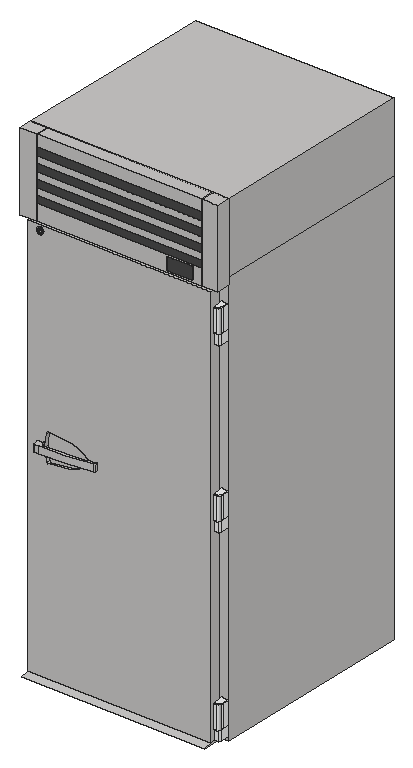
Revit family "QF_Turbo Air_PRO-26R-RI", category Specialty Equipment, Revit 2014
Parameters
  Width = 2' - 10 1/8"  # constant formula
  Weight in Pounds = 380
  Watermarked By = ""
  Volts = 115 V
  URL Cutsheet = ""
  URL = "www.turboairinc.com"
  Status [instance] = ""
  Specification by User [instance] = ""
  Specification by Manufacturer [instance] = ""
  Serial Number [instance] = ""
  Revision Code [instance] = ""
  Phase = 1
  Number of Poles [instance] = 1
  NAFEM Spec ID Number [instance] = ""
  Model = "PRO-26R-RI"
  Masterspec [instance] = ""
  Manufacturer = "Turbo Air"  # constant formula
  Description = "Refrigerator, Roll In"
  Assembly Code = "E1090320"
  Item Number [instance] = "-"
  Installed By [instance] = ""
  HP = "1/3"
  Furnished By [instance] = ""
  Foodservice Equipment Identifier = yes
  FL Amps = 6 A
  Electrical Remarks [instance] = ""
  Electric Connection Type = ""
  Elec Conn RI Height [instance] = 0' - 0"
  Elec Conn Connection Height = 6' - 4 7/8"
  Cycle = 60 Hz
  Conn Plug = "NEMA 5-15P"
  CSI MasterFormat = "11 41 13"
  Apparent Power = if(Phase = 3, Volts * FL Amps * 1.73, Volts * FL Amps)  # 690 VA
Reference planes (in)
  plane 1 "BACK": y = 0
  plane 2: z = 0
  plane 3 "LEFT": x = -16.56573
  plane 4 "RIGHT": x = 17.55927
  plane 5 "FRONT": y = -37.875
  plane 6 "Box Front": y = -35.5
  plane 7 "TOP": z = 83.875
  plane 8 "Door Bottom": z = 0.375
  plane 9 "Door Top": z = 70.125
  plane 10 "Inside Left": x = -14.56573
  plane 11 "Inside Right": x = 15.55927
  plane 12 "Inside Back": y = -2
  plane 13 "Inside Front": y = -33.5
  plane 14 "Inside Top": z = 71.75
  plane 15 "Center LR": x = 0.49677
  plane 16 "Cowl Bottom": z = 70.5
  plane 17 "Door Left Hinge": x = -15.31573
  plane 18 "Door Right Hinge": x = 16.30927
Forms (in)
  Extrusion 1, solid, material "QF_Stainless-Polished"
    sketch origin (0, 0, 0) x (1, 0, 0) y (0, 1, 0)
      loop
        line (-16.56573, -35.5) -> (-13.81573, -35.5) -> (-13.81573, -33.5) -> (-14.56573, -33.5) -> (-14.56573, -2) -> (15.55927, -2) -> (15.55927, -33.5) -> (14.80927, -33.5) -> (14.80927, -35.5) -> (17.55927, -35.5) -> (17.55927, 0) -> (-16.56573, 0) -> (-16.56573, -35.5)
    from 0 to 71.75
  Extrusion 2, solid, material "QF_Stainless-Polished"
    sketch origin (-14.56573, 0, 0) x (0, 1, 0) y (0, 0, 1)
      loop
        line (-33.5, 1) -> (-33.5, 0) -> (-2, 0) -> (-2, 1) -> (-33.5, 1)
      loop
        line (-33.5, 71.75) -> (-33.5, 70.375) -> (-2, 70.375) -> (-2, 71.75) -> (-33.5, 71.75)
    from 0 to 30.125
  Extrusion 3, solid, material "QF_Stainless-Polished"
    sketch origin (-14.56573, 0, 0) x (0, 1, 0) y (0, 0, 1)
      loop
        line (-33.5, 0) -> (-33.5, 2) -> (-35.5, 2) -> (-35.5, 0) -> (-33.5, 0)
      loop
        line (-35.5, 71.75) -> (-35.5, 68) -> (-33.5, 68) -> (-33.5, 71.75) -> (-35.5, 71.75)
    from 0.75 to 29.375
  Extrusion 4, solid, material "QF_Stainless-Polished"
    sketch origin (0, 0, 83.875) x (0, 1, 0) y (-1, 0, 0)
      loop
        line (0, 16.56573) -> (-35.5, 16.56573) -> (-35.5, -17.55927) -> (0, -17.55927) -> (0, 16.56573)
    from 0 to -12.125
  Extrusion 5, solid, material "QF_Stainless-Polished"
    sketch origin (-14.56573, 0, 0) x (0, 1, 0) y (0, 0, 1)
      loop
        line (-2, 70.375) -> (-27.25, 70.375) -> (-25, 69.125) -> (-13.25, 69.125) -> (-3.25, 66.625) -> (-2, 66.625) -> (-2, 70.375)
    from 0 to 30.125
  Extrusion 6, solid, material "QF_Stainless-Polished"
    sketch origin (0.49677, 0, 0) x (0, 1, 0) y (0, 0, 1)
      loop
        line (-3.25, 66.625) -> (-3.25, 29.875) -> (-2, 29.875) -> (-2, 66.625) -> (-3.25, 66.625)
    from 0.25 to -0.25
  Extrusion 7, solid, material "QF_Plastic-Black-Fine Textured"
    sketch origin (0, -35.5, 0) x (1, 0, 0) y (0, 0, 1)
      loop
        line (-14.31573, 68.75) -> (-14.31573, 1.75) -> (15.30927, 1.75) -> (15.30927, 68.75) -> (-14.31573, 68.75)
      loop
        line (-14.56573, 1.5) -> (15.55927, 1.5) -> (15.55927, 69) -> (-14.56573, 69) -> (-14.56573, 1.5)
    from 0 to 0.625
  Extrusion 8, solid, material "QF_Stainless-Polished"
    sketch origin (0, -35.5, 0) x (1, 0, 0) y (0, 0, 1)
      loop
        line (-16.56573, 83.875) -> (-16.56573, 70.5) -> (-13.75323, 70.5) -> (-13.75323, 83.875) -> (-16.56573, 83.875)
      loop
        line (17.55927, 83.875) -> (14.74677, 83.875) -> (14.74677, 70.5) -> (17.55927, 70.5) -> (17.55927, 83.875)
    from 0 to 2.375
  Extrusion 9, solid, material "QF_Stainless-Polished"
    sketch origin (0, -35.5, 0) x (1, 0, 0) y (0, 0, 1)
      loop
        line (-13.75323, 83.875) -> (-13.75323, 81.875) -> (14.74677, 81.875) -> (14.74677, 83.875) -> (-13.75323, 83.875)
      loop
        line (-13.75323, 70.5) -> (14.74677, 70.5) -> (14.74677, 73.25) -> (-13.75323, 73.25) -> (-13.75323, 70.5)
      loop
        arc (13.24677, 72.75) -> (13.19186, 72.88258) -> (13.05927, 72.9375) r 0.1875
        line (13.05927, 72.9375) -> (8.93427, 72.9375)
        arc (8.93427, 72.9375) -> (8.80169, 72.88258) -> (8.74677, 72.75) r 0.1875
        line (8.74677, 72.75) -> (8.74677, 70.9375)
        arc (8.74677, 70.9375) -> (8.80169, 70.80492) -> (8.93427, 70.75) r 0.1875
        line (8.93427, 70.75) -> (13.05927, 70.75)
        arc (13.05927, 70.75) -> (13.19186, 70.80492) -> (13.24677, 70.9375) r 0.1875
        line (13.24677, 70.9375) -> (13.24677, 72.75)
    from 0 to 2.375
  Extrusion 10, solid, material "QF_Stainless-Polished"
    sketch origin (0, -35.5, 0) x (1, 0, 0) y (0, 0, 1)
      loop
        line (-13.75323, 80.5625) -> (-13.75323, 79.4375) -> (14.74677, 79.4375) -> (14.74677, 80.5625) -> (-13.75323, 80.5625)
      loop
        line (14.74677, 78.0625) -> (-13.75323, 78.0625) -> (-13.75323, 76.9375) -> (14.74677, 76.9375) -> (14.74677, 78.0625)
      loop
        line (14.74677, 75.5625) -> (-13.75323, 75.5625) -> (-13.75323, 74.4375) -> (14.74677, 74.4375) -> (14.74677, 75.5625)
    from 0 to 2.375
  Extrusion 11, solid, material "QF_Plastic-Black-Fine Textured"
    sketch origin (0, -35.5, 0) x (1, 0, 0) y (0, 0, 1)
      loop
        line (-13.75323, 81.875) -> (-13.75323, 80.5625) -> (14.74677, 80.5625) -> (14.74677, 81.875) -> (-13.75323, 81.875)
      loop
        line (-13.75323, 79.4375) -> (-13.75323, 78.0625) -> (14.74677, 78.0625) -> (14.74677, 79.4375) -> (-13.75323, 79.4375)
      loop
        line (-13.75323, 76.9375) -> (-13.75323, 75.5625) -> (14.74677, 75.5625) -> (14.74677, 76.9375) -> (-13.75323, 76.9375)
      loop
        line (-13.75323, 74.4375) -> (-13.75323, 73.25) -> (14.74677, 73.25) -> (14.74677, 74.4375) -> (-13.75323, 74.4375)
    from 0 to 2.375
  Extrusion 12, solid, material "QF_Plastic-Black-Fine Textured"
    sketch origin (0, -35.5, 0) x (1, 0, 0) y (0, 0, 1)
      loop
        arc (8.93427, 72.9375) -> (8.80169, 72.88258) -> (8.74677, 72.75) r 0.1875
        line (8.74677, 72.75) -> (8.74677, 70.9375)
        arc (8.74677, 70.9375) -> (8.80169, 70.80492) -> (8.93427, 70.75) r 0.1875
        line (8.93427, 70.75) -> (13.05927, 70.75)
        arc (13.05927, 70.75) -> (13.19186, 70.80492) -> (13.24677, 70.9375) r 0.1875
        line (13.24677, 70.9375) -> (13.24677, 72.75)
        arc (13.24677, 72.75) -> (13.19186, 72.88258) -> (13.05927, 72.9375) r 0.1875
        line (13.05927, 72.9375) -> (8.93427, 72.9375)
    from 0 to 2.375
  Extrusion 13, solid, material "QF_Clearance", detail levels coarse+medium
    sketch origin (0, 0, 0.375) x (0, 1, 0) y (-1, 0, 0)
      loop
        arc (-37.875, 16.56573) -> (-62.00502, 6.57074) -> (-72, -17.55927) r 34.125
        line (-72, -17.55927) -> (-37.875, -17.55927) -> (-37.875, 16.56573)
    from 0 to 69.75
  Extrusion 14, solid, material "QF_Stainless-Polished"
    sketch origin (-15.31573, 0, 0) x (0, 1, 0) y (0, 0, 1)
      loop
        line (-35.5, 0.625) -> (-39.04455, 0) -> (-35.5, 0) -> (-35.5, 0.625)
    from 0 to 31.625
Lines and regions (in)
  symbolic lines
    curve 1: line (-16.56573, 0, 83.875) -> (17.55927, 0, 83.875)
    curve 2: line (-16.56573, -37.875, 83.875) -> (-16.56573, 0, 83.875)
    curve 3: line (17.55927, -37.875, 83.875) -> (-16.56573, -37.875, 83.875)
    curve 4: line (17.55927, 0, 83.875) -> (17.55927, -37.875, 83.875)
    curve 7: line (-15.31573, -37.875, 0.375) -> (-15.31573, -39.04455, 0.375)
    curve 8: line (-15.31573, -39.04455, 0.375) -> (16.30927, -39.04455, 0.375)
    curve 9: line (16.30927, -39.04455, 0.375) -> (16.30927, -37.875, 0.375)
  symbolic lines, style "QF_Clearances_Door_Drawer", detail levels coarse+medium
    curve 5: line (17.55927, -72, 0.375) -> (17.55927, -37.875, 0.375)
    curve 6: arc (-16.56573, -37.875, 0.375) -> (-6.57074, -62.00502, 0.375) -> (17.55927, -72, 0.375) r 34.125
Dimensions and locks (in)
  "Width": plane 4 "RIGHT" to plane 3 "LEFT"
  locked: plane 5 "FRONT" to plane 6 "Box Front" at 2.375
  locked: plane 3 "LEFT" to plane 10 "Inside Left" at 2
  locked: plane 11 "Inside Right" to plane 4 "RIGHT" at 2
  locked: plane 12 "Inside Back" to plane 1 "BACK" at 2
  locked: plane 6 "Box Front" to plane 13 "Inside Front" at 2
  locked: plane 10 "Inside Left" to Extrusion 1 sketch curve at 0.75
  locked: Extrusion 1 sketch curve to plane 11 "Inside Right" at 0.75
  locked: plane 14 "Inside Top" to Extrusion 2 sketch curve at 1.375
  locked: Extrusion 3 sketch curve to plane 14 "Inside Top" at 3.75
  locked: plane 14 "Inside Top" to Extrusion 5 sketch curve at 1.375
  locked: Extrusion 5 sketch curve to Extrusion 5 sketch curve at 1.25
  locked: Extrusion 5 sketch curve to Extrusion 5 sketch curve at 11.75
  locked: Extrusion 5 sketch curve to plane 12 "Inside Back" at 25.25
  locked: Extrusion 5 sketch curve to plane 12 "Inside Back" at 1.25
  locked: Extrusion 5 sketch curve to plane 12 "Inside Back" at 11.25
  locked: Extrusion 5 sketch curve to Extrusion 5 sketch curve at 3.75
  equal spacing: plane 3 "LEFT", plane 15 "Center LR", plane 4 "RIGHT"
  locked: plane 14 "Inside Top" to Extrusion 6 sketch curve at 5.125
  locked: Extrusion 6 sketch curve to Extrusion 6 sketch curve at 36.75
  locked: Extrusion 6 sketch curve to plane 12 "Inside Back" at 1.25
  locked: Extrusion 7 sketch curve to Extrusion 7 sketch curve at 0.25  (x4)
  locked: Extrusion 7 sketch curve to plane 3 "LEFT" at 2
  locked: Extrusion 7 sketch curve to plane 4 "RIGHT" at 2
  locked: plane 9 "Door Top" to Extrusion 7 sketch curve at 1.125
  locked: Extrusion 7 sketch curve to plane 8 "Door Bottom" at 1.125
  locked: plane 16 "Cowl Bottom" to plane 9 "Door Top" at 0.375
  locked: plane 3 "LEFT" to Extrusion 8 sketch curve at 2.8125
  locked: Extrusion 8 sketch curve to plane 4 "RIGHT" at 2.8125
  locked: Extrusion 9 sketch curve to plane 3 "LEFT" at 2.8125  (x2)
  locked: plane 7 "TOP" to Extrusion 9 sketch curve at 2
  locked: Extrusion 9 sketch curve to plane 4 "RIGHT" at 2.8125  (x2)
  locked: Extrusion 9 sketch curve to plane 16 "Cowl Bottom" at 2.75
  locked: Extrusion 9 sketch curve to Extrusion 9 sketch curve at 4.5
  locked: Extrusion 9 sketch curve to plane 4 "RIGHT" at 4.3125
  locked: Extrusion 9 sketch curve to Extrusion 9 sketch curve at 2.1875
  locked: Extrusion 9 sketch curve to Extrusion 9 sketch curve at 0.3125
  locked: Extrusion 10 sketch curve to plane 3 "LEFT" at 2.8125  (x3)
  locked: Extrusion 10 sketch curve to plane 4 "RIGHT" at 2.8125  (x3)
  locked: plane 7 "TOP" to Extrusion 10 sketch curve at 3.3125
  locked: Extrusion 10 sketch curve to Extrusion 10 sketch curve at 1.125  (x3)
  locked: Extrusion 10 sketch curve to Extrusion 10 sketch curve at 1.375  (x2)
  locked: plane 3 "LEFT" to plane 17 "Door Left Hinge" at 1.25
  locked: plane 18 "Door Right Hinge" to plane 4 "RIGHT" at 1.25
  plane 6 "Box Front" to plane 1 "BACK" = 2' - 11 1/2"
  plane 8 "Door Bottom" to level = 0' - 0 3/8"
  locked: plane 7 "TOP" to level at 83.875
  locked: plane 14 "Inside Top" to plane 16 "Cowl Bottom" at 1.25
  plane 9 "Door Top" to plane 8 "Door Bottom" = 5' - 9 3/4"
  plane 7 "TOP" to plane 16 "Cowl Bottom" = 1' - 1 3/8"
  aligned and locked: level to plane 2
  aligned and locked: Extrusion 1 sketch curve to plane 3 "LEFT"
  aligned and locked: plane 10 "Inside Left" to Extrusion 1 sketch curve
  aligned and locked: Extrusion 1 sketch curve to plane 11 "Inside Right"
  aligned and locked: plane 4 "RIGHT" to Extrusion 1 sketch curve
  aligned and locked: plane 12 "Inside Back" to Extrusion 1 sketch curve
  aligned and locked: Extrusion 1 sketch curve to plane 1 "BACK"
  aligned and locked: Extrusion 1 sketch curve to plane 13 "Inside Front"  (x2)
  aligned and locked: plane 6 "Box Front" to Extrusion 1 sketch curve  (x2)
  aligned and locked: plane 14 "Inside Top" to Extrusion 1
  aligned and locked: plane 13 "Inside Front" to Extrusion 2 sketch curve
  aligned and locked: plane 12 "Inside Back" to Extrusion 2 sketch curve  (x2)
  aligned and locked: plane 11 "Inside Right" to Extrusion 2
  aligned and locked: plane 6 "Box Front" to Extrusion 3 sketch curve  (x2)
  aligned and locked: Extrusion 3 sketch curve to plane 13 "Inside Front"  (x2)
  aligned and locked: Extrusion 3 to Extrusion 1  (x2)
  aligned and locked: Extrusion 2 sketch curve to plane 14 "Inside Top"
  aligned and locked: Extrusion 2 sketch curve to plane 13 "Inside Front"
  aligned and locked: plane 14 "Inside Top" to Extrusion 3 sketch curve
  aligned and locked: plane 1 "BACK" to Extrusion 4 sketch curve
  aligned and locked: plane 3 "LEFT" to Extrusion 4 sketch curve
  aligned and locked: Extrusion 4 sketch curve to plane 6 "Box Front"
  aligned and locked: Extrusion 4 sketch curve to plane 4 "RIGHT"
  aligned and locked: Extrusion 4 to plane 14 "Inside Top"
  aligned and locked: plane 12 "Inside Back" to Extrusion 5 sketch curve
  aligned and locked: plane 11 "Inside Right" to Extrusion 5
  aligned and locked: Extrusion 6 sketch curve to plane 12 "Inside Back"
  aligned and locked: plane 5 "FRONT" to Extrusion 8
  aligned and locked: plane 3 "LEFT" to curve 2
  aligned and locked: curve 3 to plane 5 "FRONT"
  aligned and locked: curve 4 to plane 4 "RIGHT"
  aligned and locked: plane 1 "BACK" to curve 1
  aligned and locked: plane 16 "Cowl Bottom" to Extrusion 8 sketch curve
  aligned and locked: plane 3 "LEFT" to Extrusion 8 sketch curve
  aligned and locked: Extrusion 8 sketch curve to plane 7 "TOP"
  aligned and locked: plane 7 "TOP" to Extrusion 8 sketch curve
  aligned and locked: plane 4 "RIGHT" to Extrusion 8 sketch curve
  aligned and locked: Extrusion 8 sketch curve to plane 16 "Cowl Bottom"
  aligned and locked: Extrusion 9 sketch curve to plane 7 "TOP"
  aligned and locked: plane 16 "Cowl Bottom" to Extrusion 9 sketch curve
  aligned and locked: plane 5 "FRONT" to Extrusion 9
  aligned and locked: plane 5 "FRONT" to Extrusion 10
  aligned and locked: Extrusion 11 sketch curve to Extrusion 9  (x4)
  aligned and locked: Extrusion 11 sketch curve to Extrusion 10  (x12)
  aligned and locked: plane 5 "FRONT" to Extrusion 11
  aligned and locked: Extrusion 12 sketch curve to Extrusion 9  (x4)
  aligned and locked: plane 5 "FRONT" to Extrusion 12
  aligned and locked: plane 6 "Box Front" to nested 1
  aligned and locked: nested 1 to plane 8 "Door Bottom"
  aligned and locked: plane 9 "Door Top" to Extrusion 13
  aligned and locked: plane 4 "RIGHT" to nested 1
  aligned and locked: plane 18 "Door Right Hinge" to Extrusion 14
Automatic sketch dimensions
  Extrusion 9 sketch curve to Extrusion 9 sketch curve = 0' - 0 3/16"  (x3)
  Extrusion 9 sketch curve to Extrusion 9 sketch curve = 0' - 1 11/16"
  plane 8 "Door Bottom" to Extrusion 2 sketch curve = 0' - 0 5/8"
  Extrusion 2 sketch curve to plane 8 "Door Bottom" = 0' - 0 3/8"
  Extrusion 3 sketch curve to level = 0' - 0"
  plane 8 "Door Bottom" to Extrusion 3 sketch curve = 0' - 1 5/8"
  Extrusion 14 sketch curve to level = 0' - 0"
  Extrusion 14 sketch curve to plane 6 "Box Front" = 0' - 0"
  plane 5 "FRONT" to Extrusion 14 sketch curve = 0' - 1.16955"
  plane 8 "Door Bottom" to Extrusion 14 sketch curve = 0' - 0 1/4"
  Extrusion 13 sketch curve to plane 4 "RIGHT" = 0' - 0"
  plane 5 "FRONT" to Extrusion 13 sketch curve = 0' - 0"
  Extrusion 13 sketch curve to plane 3 "LEFT" = 0' - 0"
  curve 6 to plane 4 "RIGHT" = 0' - 0"
  curve 7 to plane 17 "Door Left Hinge" = 0' - 0"
  curve 8 to plane 18 "Door Right Hinge" = 0' - 0"
  plane 5 "FRONT" to curve 6 = 0' - 0"
  plane 5 "FRONT" to curve 5 = 0' - 0"
  plane 5 "FRONT" to curve 7 = 0' - 0"
  plane 5 "FRONT" to curve 9 = 0' - 0"
  curve 6 to plane 3 "LEFT" = 0' - 0"
  plane 5 "FRONT" to curve 7 = 0' - 1.16955"
Nested families (in)
  nested 1: "QF_Turbo Air_RI-Solid Door" at (1.25, -36.125, 0.375), type "QF_Turbo Air_RI-Solid Door"
    with Width 2' - 7 5/8", Symbolic Lines Handle yes, Symbolic Lines no, Height 5' - 9 3/4", Handle From Top 2' - 10", Center Hinge yes
Connectors (in)
  electrical at (0.49677, 0, 77.8125)
    settings: on Extrusion 4, index 1, voltage 0 V, apparent load 0 VA, apparent load phase1 0 VA, apparent load phase2 0 VA, apparent load phase3 0 VA, power factor 1, load classification "Other", number of poles 1, system type 31, power factor state 1, is connector primary yes, connector utility no, sub classification motor no, connector description ""
Definition of nested family "QF_Turbo Air_RI-Solid Door"
  Parameters (values of type "QF_Turbo Air_RI-Solid Door")
    Width [instance] = 2' - 2 1/4"
    Watermarked By = ""
    Symbolic Lines Handle [instance] = yes
    Symbolic Lines [instance] = yes
    Height [instance] = 5' - 3 1/4"
    Handle From Top [instance] = 2' - 1 7/8"
    Center Hinge [instance] = yes
  Reference planes (in)
    plane 1 "Door Back": y = 0
    plane 2: z = 0
    plane 3 "LEFT": x = -16.56573
    plane 4 "Door Front": y = -1.75
    plane 5 "Handle Front": y = -3.0625
    plane 6 "Door Right": x = 9.68427
    plane 7 "TOP": z = 63.25
    plane 8 "Handle Elevation": z = 37.375
    plane 9 "Hinge Right": x = 10.93427
    plane 10 "Top Hinge Top": z = 60.75
    plane 11 "Top Hinge Bottom": z = 55
    plane 12: z = 56.625
    plane 13 "Center TB": z = 31.625
    plane 14 "Center Hinge Top": z = 35.0625
    plane 15 "Center Hinge Bottom": z = 29.3125
    plane 16: z = 30.9375
    plane 17 "Bottom Hinge Top": z = 6
    plane 18 "Bottom Hinge Bottom": z = 0.25
    plane 19: z = 1.875
    plane 20 "Hinges Front": y = -1.1875
    plane 21 "Hinges Back": y = 0.625
  Forms (in)
    Extrusion 1, solid, material "QF_Stainless-Polished"
      sketch origin (0, 0, 0) x (1, 0, 0) y (0, 0, 1)
        loop
          line (-16.56573, 63.25) -> (-16.56573, 0) -> (9.68427, 0) -> (9.68427, 63.25) -> (-16.56573, 63.25)
        loop
          arc (-13.15519, 39.61272) -> (-13.41636, 38.50742) -> (-13.50323, 37.375) r 7.3125
          arc (-13.50323, 37.375) -> (-13.41636, 36.24258) -> (-13.15519, 35.13728) r 7.3125
          arc (-13.15519, 35.13728) -> (-13.01711, 34.94724) -> (-12.79306, 34.87662) r 0.375
          arc (-12.79306, 34.87662) -> (-11.04564, 34.98179) -> (-9.31573, 35.25) r 18.6875
          arc (-9.31573, 35.25) -> (-7.55515, 35.84984) -> (-6.00323, 36.875) r 7.30243
          arc (-6.00323, 36.875) -> (-5.85876, 37.375) -> (-6.00323, 37.875) r 0.9375
          arc (-6.00323, 37.875) -> (-7.55515, 38.90016) -> (-9.31573, 39.5) r 7.30243
          arc (-9.31573, 39.5) -> (-11.04564, 39.76821) -> (-12.79306, 39.87338) r 18.6875
          arc (-12.79306, 39.87338) -> (-13.01711, 39.80276) -> (-13.15519, 39.61272) r 0.375
      from 0 to 1.75
    Extrusion 2, solid, material "QF_Stainless-Polished"
      sketch origin (0, 0, 0) x (1, 0, 0) y (0, 0, 1)
        loop
          arc (-13.15519, 39.61272) -> (-13.41636, 38.50742) -> (-13.50323, 37.375) r 7.3125
          arc (-13.50323, 37.375) -> (-13.41636, 36.24258) -> (-13.15519, 35.13728) r 7.3125
          arc (-13.15519, 35.13728) -> (-13.01711, 34.94724) -> (-12.79306, 34.87662) r 0.375
          arc (-12.79306, 34.87662) -> (-11.04564, 34.98179) -> (-9.31573, 35.25) r 18.6875
          arc (-9.31573, 35.25) -> (-7.55515, 35.84984) -> (-6.00323, 36.875) r 7.30243
          arc (-6.00323, 36.875) -> (-5.85876, 37.375) -> (-6.00323, 37.875) r 0.9375
          arc (-6.00323, 37.875) -> (-7.55515, 38.90016) -> (-9.31573, 39.5) r 7.30243
          arc (-9.31573, 39.5) -> (-11.04564, 39.76821) -> (-12.79306, 39.87338) r 18.6875
          arc (-12.79306, 39.87338) -> (-13.01711, 39.80276) -> (-13.15519, 39.61272) r 0.375
      from 0 to 1.25
    Extrusion 3, solid, material "QF_Stainless-Polished"
      sketch origin (0, 0, 37.375) x (0, 1, 0) y (-1, 0, 0)
        loop
          line (-1.75, 14.806) -> (-2.93294, 14.42164)
          arc (-2.93294, 14.42164) -> (-3.02669, 14.35352) -> (-3.0625, 14.24331) r 0.1875
          line (-3.0625, 14.24331) -> (-3.0625, 13.62954)
          arc (-3.0625, 13.62954) -> (-2.88483, 9.14446) -> (-2.21868, 4.70557) r 41.0625
          arc (-2.21868, 4.70557) -> (-2.15347, 4.59812) -> (-2.03505, 4.55599) r 0.1875
          line (-2.03505, 4.55599) -> (-1.75, 4.55599) -> (-1.75, 5.93099) -> (-1.83987, 5.93099)
          arc (-1.83987, 5.93099) -> (-1.96178, 5.97604) -> (-2.02512, 6.08952) r 0.1875
          arc (-2.02512, 6.08952) -> (-2.42253, 9.66014) -> (-2.50243, 13.25191) r 40.5625
          arc (-2.50243, 13.25191) -> (-2.47714, 13.3419) -> (-2.41155, 13.4085) r 0.1875
          line (-2.41155, 13.4085) -> (-1.75, 13.806) -> (-1.75, 14.806)
      from -0.5625 to 0.5625
    Extrusion 4, solid, material "QF_Steel-Chrome Plated"
      sketch origin (0, 0, 0.25) x (0, 1, 0) y (-1, 0, 0)
        loop
          line (0.625, -10.81225) -> (0.625, -9.7438) -> (-0.75, -9.80927) -> (-1.1875, -9.9342) -> (-1.1875, -10.62185) -> (-0.75, -10.74677) -> (0.625, -10.81225)
      from 0 to 1.625
    Extrusion 5, solid, material "QF_Steel-Chrome Plated"
      sketch origin (0, 0, 6) x (0, 1, 0) y (-1, 0, 0)
        loop
          line (-0.5625, -9.68427) -> (-1.1875, -9.68427) -> (-1.1875, -10.27802)
          arc (-1.1875, -10.27802) -> (-0.875, -10.59052) -> (-0.5625, -10.27802) r 0.3125
          line (-0.5625, -10.27802) -> (-0.5625, -9.68427)
      from -0.125 to -4.125
    Extrusion 6, solid, material "QF_Steel-Chrome Plated"
      sketch origin (0, 0, 6) x (0, 1, 0) y (-1, 0, 0)
        loop
          line (0.625, -9.7438) -> (-0.25, -9.78547) -> (-0.25, -10.77058) -> (0.625, -10.81225) -> (0.625, -9.7438)
      from -0.125 to -4.125
    Extrusion 7, solid, material "QF_Steel-Chrome Plated"
      sketch origin (0, 0, 6) x (0, 1, 0) y (-1, 0, 0)
        loop
          line (0.625, -10.81225) -> (0.625, -9.7438) -> (-0.75, -9.80927) -> (-1.1875, -9.9342) -> (-1.1875, -10.62185) -> (-0.75, -10.74677) -> (0.625, -10.81225)
      from 0 to -0.125
    Extrusion 8, solid, material "QF_Steel-Chrome Plated", visible <- "Center Hinge"
      sketch origin (0, 0, 29.3125) x (0, 1, 0) y (-1, 0, 0)
        loop
          line (0.625, -10.81225) -> (0.625, -9.7438) -> (-0.75, -9.80927) -> (-1.1875, -9.9342) -> (-1.1875, -10.62185) -> (-0.75, -10.74677) -> (0.625, -10.81225)
      from 0 to 1.625
    Extrusion 9, solid, material "QF_Steel-Chrome Plated", visible <- "Center Hinge"
      sketch origin (0, 0, 35.0625) x (0, 1, 0) y (-1, 0, 0)
        loop
          line (-0.5625, -9.68427) -> (-1.1875, -9.68427) -> (-1.1875, -10.27802)
          arc (-1.1875, -10.27802) -> (-0.875, -10.59052) -> (-0.5625, -10.27802) r 0.3125
          line (-0.5625, -10.27802) -> (-0.5625, -9.68427)
      from -0.125 to -4.125
    Extrusion 10, solid, material "QF_Steel-Chrome Plated", visible <- "Center Hinge"
      sketch origin (0, 0, 35.0625) x (0, 1, 0) y (-1, 0, 0)
        loop
          line (0.625, -9.7438) -> (-0.25, -9.78547) -> (-0.25, -10.77058) -> (0.625, -10.81225) -> (0.625, -9.7438)
      from -0.125 to -4.125
    Extrusion 11, solid, material "QF_Steel-Chrome Plated", visible <- "Center Hinge"
      sketch origin (0, 0, 35.0625) x (0, 1, 0) y (-1, 0, 0)
        loop
          line (0.625, -10.81225) -> (0.625, -9.7438) -> (-0.75, -9.80927) -> (-1.1875, -9.9342) -> (-1.1875, -10.62185) -> (-0.75, -10.74677) -> (0.625, -10.81225)
      from 0 to -0.125
    Extrusion 12, solid, material "QF_Steel-Chrome Plated"
      sketch origin (0, 0, 55) x (0, 1, 0) y (-1, 0, 0)
        loop
          line (0.625, -10.81225) -> (0.625, -9.7438) -> (-0.75, -9.80927) -> (-1.1875, -9.9342) -> (-1.1875, -10.62185) -> (-0.75, -10.74677) -> (0.625, -10.81225)
      from 0 to 1.625
    Extrusion 13, solid, material "QF_Steel-Chrome Plated"
      sketch origin (0, 0, 60.75) x (0, 1, 0) y (-1, 0, 0)
        loop
          line (-0.5625, -9.68427) -> (-1.1875, -9.68427) -> (-1.1875, -10.27802)
          arc (-1.1875, -10.27802) -> (-0.875, -10.59052) -> (-0.5625, -10.27802) r 0.3125
          line (-0.5625, -10.27802) -> (-0.5625, -9.68427)
      from -0.125 to -4.125
    Extrusion 14, solid, material "QF_Steel-Chrome Plated"
      sketch origin (0, 0, 60.75) x (0, 1, 0) y (-1, 0, 0)
        loop
          line (0.625, -9.7438) -> (-0.25, -9.78547) -> (-0.25, -10.77058) -> (0.625, -10.81225) -> (0.625, -9.7438)
      from -0.125 to -4.125
    Extrusion 15, solid, material "QF_Steel-Chrome Plated"
      sketch origin (0, 0, 60.75) x (0, 1, 0) y (-1, 0, 0)
        loop
          line (0.625, -10.81225) -> (0.625, -9.7438) -> (-0.75, -9.80927) -> (-1.1875, -9.9342) -> (-1.1875, -10.62185) -> (-0.75, -10.74677) -> (0.625, -10.81225)
      from 0 to -0.125
    Extrusion 16, void
      sketch origin (0, 0, 0) x (1, 0, 0) y (0, 0, 1)
        loop
          circle (-14.37823, 62.3125) r 0.5625
        loop
          circle (-14.37823, 62.3125) r 0.3125
      from 0 to 1.75
    Extrusion 17, solid, material "QF_Plastic-Black-Fine Textured"
      sketch origin (0, 0, 0) x (1, 0, 0) y (0, 0, 1)
        loop
          circle (-14.37823, 62.3125) r 0.5625
        loop
          circle (-14.37823, 62.3125) r 0.3125
      from 0 to 1.75
  Cuts and joins
    Extrusion 16 cuts Extrusion 1
  Lines and regions (in)
    symbolic lines, visible <- "Symbolic Lines"
      curve 1: line (-16.56573, 0, 6) -> (9.68427, 0, 6)
      curve 2: line (-16.56573, -1.75, 6) -> (-16.56573, 0, 6)
      curve 3: line (9.68427, -1.75, 6) -> (-16.56573, -1.75, 6)
      curve 4: line (9.68427, 0, 6) -> (9.68427, -1.75, 6)
      curve 5: line (10.81225, 0.625, 6) -> (9.7438, 0.625, 6)
      curve 6: line (10.74677, -0.75, 6) -> (10.81225, 0.625, 6)
      curve 7: line (10.62185, -1.1875, 6) -> (10.74677, -0.75, 6)
      curve 8: line (9.9342, -1.1875, 6) -> (10.62185, -1.1875, 6)
      curve 9: line (9.80927, -0.75, 6) -> (9.9342, -1.1875, 6)
      curve 10: line (9.7438, 0.625, 6) -> (9.80927, -0.75, 6)
    symbolic lines, visible <- "Symbolic Lines Handle"
      curve 11: line (-14.806, -1.75, 6) -> (-14.42164, -2.93294, 6)
      curve 12: arc (-14.42164, -2.93294, 6) -> (-14.35352, -3.02669, 6) -> (-14.24331, -3.0625, 6) r 0.1875
      curve 13: line (-14.24331, -3.0625, 6) -> (-13.62954, -3.0625, 6)
      curve 14: line (-4.55599, -2.03505, 6) -> (-4.55599, -1.75, 6)
      curve 15: arc (-4.70557, -2.21868, 6) -> (-4.59812, -2.15347, 6) -> (-4.55599, -2.03505, 6) r 0.1875
      curve 16: arc (-13.62954, -3.0625, 6) -> (-9.14446, -2.88483, 6) -> (-4.70557, -2.21868, 6) r 41.0625
      curve 17: line (-13.4085, -2.41155, 6) -> (-13.806, -1.75, 6)
      curve 18: arc (-13.25191, -2.50243, 6) -> (-13.3419, -2.47714, 6) -> (-13.4085, -2.41155, 6) r 0.1875
      curve 19: arc (-6.08952, -2.02512, 6) -> (-9.66014, -2.42253, 6) -> (-13.25191, -2.50243, 6) r 40.5625
      curve 20: arc (-5.93099, -1.83987, 6) -> (-5.97604, -1.96178, 6) -> (-6.08952, -2.02512, 6) r 0.1875
      curve 21: line (-5.93099, -1.75, 6) -> (-5.93099, -1.83987, 6)
  Dimensions and locks (in)
    locked: plane 5 "Handle Front" to plane 4 "Door Front" at 1.3125
    "Width": plane 6 "Door Right" to plane 3 "LEFT"
    "Height": plane 7 "TOP" to plane 2
    "Handle From Top": plane 7 "TOP" to plane 8 "Handle Elevation"
    locked: plane 6 "Door Right" to plane 9 "Hinge Right" at 1.25
    locked: plane 7 "TOP" to plane 10 "Top Hinge Top" at 2.5
    locked: plane 10 "Top Hinge Top" to plane 11 "Top Hinge Bottom" at 5.75
    locked: plane 12 to plane 11 "Top Hinge Bottom" at 1.625
    equal spacing: plane 7 "TOP", plane 13 "Center TB", level
    locked: plane 14 "Center Hinge Top" to plane 15 "Center Hinge Bottom" at 5.75
    locked: plane 16 to plane 15 "Center Hinge Bottom" at 1.625
    locked: plane 14 "Center Hinge Top" to plane 13 "Center TB" at 3.4375
    locked: plane 17 "Bottom Hinge Top" to plane 18 "Bottom Hinge Bottom" at 5.75
    locked: plane 19 to plane 18 "Bottom Hinge Bottom" at 1.625
    locked: plane 17 "Bottom Hinge Top" to level at 6
    locked: Extrusion 1 sketch curve to plane 8 "Handle Elevation" at 2.12341
    locked: plane 8 "Handle Elevation" to Extrusion 1 sketch curve at 2.12341
    locked: Extrusion 1 sketch curve to plane 8 "Handle Elevation" at 16.18748
    locked: plane 8 "Handle Elevation" to Extrusion 1 sketch curve at 16.18748
    locked: plane 8 "Handle Elevation" to Extrusion 1 sketch curve at 5.03089
    locked: Extrusion 1 sketch curve to plane 8 "Handle Elevation" at 5.03089
    locked: Extrusion 1 sketch curve to plane 8 "Handle Elevation" at 0
    locked: Extrusion 1 sketch curve to plane 8 "Handle Elevation" at 0.00859
    locked: plane 8 "Handle Elevation" to Extrusion 1 sketch curve at 0.00859
    locked: Extrusion 4 sketch curve to Extrusion 4 sketch curve at 1.06845
    locked: Extrusion 4 sketch curve to plane 9 "Hinge Right" at 0.12202
    locked: Extrusion 4 sketch curve to Extrusion 4 sketch curve at 0.9375
    locked: Extrusion 4 sketch curve to plane 9 "Hinge Right" at 0.1875
    locked: Extrusion 4 sketch curve to Extrusion 4 sketch curve at 0.68764
    locked: Extrusion 4 sketch curve to plane 9 "Hinge Right" at 0.31243
    locked: plane 20 "Hinges Front" to Extrusion 5 sketch curve at 0.625
    locked: plane 6 "Door Right" to Extrusion 5 sketch curve at 0.59375
    locked: Extrusion 6 sketch curve to Extrusion 6 sketch curve at 1.06845
    locked: Extrusion 6 sketch curve to plane 9 "Hinge Right" at 0.12202
    locked: Extrusion 6 sketch curve to Extrusion 6 sketch curve at 0.98512
    locked: Extrusion 6 sketch curve to plane 9 "Hinge Right" at 0.16369
    locked: Extrusion 7 sketch curve to Extrusion 7 sketch curve at 1.06845
    locked: Extrusion 7 sketch curve to Extrusion 7 sketch curve at 0.9375
    locked: Extrusion 7 sketch curve to Extrusion 7 sketch curve at 0.68764
    locked: Extrusion 7 sketch curve to plane 9 "Hinge Right" at 0.12202
    locked: Extrusion 7 sketch curve to plane 9 "Hinge Right" at 0.1875
    locked: Extrusion 7 sketch curve to plane 9 "Hinge Right" at 0.31243
    locked: Extrusion 8 sketch curve to Extrusion 8 sketch curve at 1.06845
    locked: Extrusion 8 sketch curve to Extrusion 8 sketch curve at 0.9375
    locked: Extrusion 8 sketch curve to Extrusion 8 sketch curve at 0.68764
    locked: Extrusion 10 sketch curve to Extrusion 10 sketch curve at 1.06845
    locked: Extrusion 10 sketch curve to Extrusion 10 sketch curve at 0.98512
    locked: Extrusion 11 sketch curve to Extrusion 11 sketch curve at 1.06845
    locked: Extrusion 11 sketch curve to Extrusion 11 sketch curve at 0.9375
    locked: Extrusion 11 sketch curve to Extrusion 11 sketch curve at 0.68764
    locked: Extrusion 12 sketch curve to Extrusion 12 sketch curve at 1.06845
    locked: Extrusion 12 sketch curve to Extrusion 12 sketch curve at 0.9375
    locked: Extrusion 12 sketch curve to Extrusion 12 sketch curve at 0.68764
    locked: Extrusion 14 sketch curve to Extrusion 14 sketch curve at 1.06845
    locked: Extrusion 14 sketch curve to Extrusion 14 sketch curve at 0.98512
    locked: Extrusion 15 sketch curve to Extrusion 15 sketch curve at 1.06845
    locked: Extrusion 15 sketch curve to Extrusion 15 sketch curve at 0.9375
    locked: Extrusion 15 sketch curve to Extrusion 15 sketch curve at 0.68764
    locked: Extrusion 8 sketch curve to plane 9 "Hinge Right" at 0.12202
    locked: Extrusion 8 sketch curve to plane 9 "Hinge Right" at 0.1875
    locked: Extrusion 8 sketch curve to plane 9 "Hinge Right" at 0.31243
    locked: Extrusion 10 sketch curve to plane 9 "Hinge Right" at 0.12202
    locked: Extrusion 10 sketch curve to plane 9 "Hinge Right" at 0.16369
    locked: Extrusion 11 sketch curve to plane 9 "Hinge Right" at 0.12202
    locked: Extrusion 11 sketch curve to plane 9 "Hinge Right" at 0.1875
    locked: Extrusion 11 sketch curve to plane 9 "Hinge Right" at 0.31243
    locked: plane 6 "Door Right" to Extrusion 9 sketch curve at 0.59375
    locked: plane 20 "Hinges Front" to Extrusion 9 sketch curve at 0.625
    locked: Extrusion 12 sketch curve to plane 9 "Hinge Right" at 0.12202
    locked: Extrusion 12 sketch curve to plane 9 "Hinge Right" at 0.1875
    locked: Extrusion 12 sketch curve to plane 9 "Hinge Right" at 0.31243
    locked: Extrusion 14 sketch curve to plane 9 "Hinge Right" at 0.12202
    locked: Extrusion 14 sketch curve to plane 9 "Hinge Right" at 0.16369
    locked: Extrusion 15 sketch curve to plane 9 "Hinge Right" at 0.12202
    locked: Extrusion 15 sketch curve to plane 9 "Hinge Right" at 0.1875
    locked: Extrusion 15 sketch curve to plane 9 "Hinge Right" at 0.31243
    locked: plane 20 "Hinges Front" to Extrusion 13 sketch curve at 0.625
    locked: plane 6 "Door Right" to Extrusion 13 sketch curve at 0.59375
    locked: plane 7 "TOP" to Extrusion 16 sketch curve at 0.9375  (x2)
    locked: Extrusion 16 sketch curve to plane 3 "LEFT" at 2.1875  (x2)
    aligned and locked: level to plane 2
    aligned and locked: Extrusion 1 sketch curve to plane 7 "TOP"
    aligned and locked: plane 3 "LEFT" to Extrusion 1 sketch curve
    aligned and locked: level to Extrusion 1 sketch curve
    aligned and locked: Extrusion 1 sketch curve to plane 6 "Door Right"
    aligned and locked: plane 4 "Door Front" to Extrusion 1
    aligned and locked: plane 8 "Handle Elevation" to Extrusion 1 sketch curve
    aligned and locked: Extrusion 2 sketch curve to Extrusion 1  (x9)
    aligned and locked: plane 20 "Hinges Front" to Extrusion 4 sketch curve
    aligned and locked: plane 19 to Extrusion 4
    aligned and locked: Extrusion 5 to plane 19
    aligned and locked: Extrusion 5 sketch curve to plane 6 "Door Right"
    aligned and locked: plane 20 "Hinges Front" to Extrusion 5 sketch curve
    aligned and locked: Extrusion 6 to plane 19
    aligned and locked: plane 16 to Extrusion 8
    aligned and locked: Extrusion 10 to plane 16
    aligned and locked: Extrusion 9 to plane 16
    aligned and locked: Extrusion 9 sketch curve to plane 6 "Door Right"
    aligned and locked: plane 20 "Hinges Front" to Extrusion 9 sketch curve
    aligned and locked: plane 20 "Hinges Front" to Extrusion 11 sketch curve
    aligned and locked: plane 20 "Hinges Front" to Extrusion 8 sketch curve
    aligned and locked: plane 12 to Extrusion 12
    aligned and locked: Extrusion 14 to plane 12
    aligned and locked: Extrusion 13 to plane 12
    aligned and locked: plane 20 "Hinges Front" to Extrusion 12 sketch curve
    aligned and locked: plane 20 "Hinges Front" to Extrusion 15 sketch curve
    aligned and locked: Extrusion 13 sketch curve to plane 6 "Door Right"
    aligned and locked: plane 20 "Hinges Front" to Extrusion 13 sketch curve
    aligned and locked: plane 4 "Door Front" to cut or joined group of Extrusion 1, Extrusion 16
    aligned and locked: Extrusion 17 sketch curve to cut or joined group of Extrusion 1, Extrusion 16  (x4)
    aligned and locked: plane 4 "Door Front" to Extrusion 17
    aligned and locked: plane 1 "Door Back" to curve 1
    aligned and locked: plane 3 "LEFT" to curve 2
    aligned and locked: curve 3 to plane 4 "Door Front"
    aligned and locked: curve 4 to plane 6 "Door Right"
    aligned and locked: curve 6 to Extrusion 15
    aligned and locked: curve 7 to Extrusion 15
    aligned and locked: curve 8 to Extrusion 15
    aligned and locked: curve 9 to Extrusion 15
    aligned and locked: curve 10 to Extrusion 15
    aligned and locked: curve 11 to Extrusion 3
    aligned and locked: curve 12 to Extrusion 3
    aligned and locked: curve 15 to Extrusion 3
    aligned and locked: curve 16 to Extrusion 3
    aligned and locked: curve 17 to Extrusion 3
    aligned and locked: curve 18 to Extrusion 3
    aligned and locked: curve 19 to Extrusion 3
    aligned and locked: curve 20 to Extrusion 3
    aligned and locked: curve 21 to Extrusion 3
    aligned and locked: Extrusion 4 sketch curve to plane 21 "Hinges Back"
    aligned and locked: plane 21 "Hinges Back" to Extrusion 6 sketch curve
    aligned and locked: Extrusion 7 sketch curve to plane 21 "Hinges Back"
    aligned and locked: Extrusion 8 sketch curve to plane 21 "Hinges Back"
    aligned and locked: plane 21 "Hinges Back" to Extrusion 10 sketch curve
    aligned and locked: Extrusion 11 sketch curve to plane 21 "Hinges Back"
    aligned and locked: Extrusion 12 sketch curve to plane 21 "Hinges Back"
    aligned and locked: plane 21 "Hinges Back" to Extrusion 14 sketch curve
    aligned and locked: Extrusion 15 sketch curve to plane 21 "Hinges Back"
  Automatic sketch dimensions
    plane 3 "LEFT" to Extrusion 1 sketch curve = 0' - 3.525"  (x2)
    plane 3 "LEFT" to Extrusion 1 sketch curve = 0' - 3.76769"  (x2)
    Extrusion 1 sketch curve to Extrusion 1 sketch curve = 0' - 2.02671"  (x2)
    Extrusion 1 sketch curve to Extrusion 1 sketch curve = 0' - 6.00177"
    Extrusion 1 sketch curve to Extrusion 1 sketch curve = 0' - 0.60553"
    Extrusion 1 sketch curve to Extrusion 1 sketch curve = 0' - 0"  (x7)
    Extrusion 1 sketch curve to Extrusion 1 sketch curve = 0' - 0.70519"
    plane 8 "Handle Elevation" to Extrusion 1 sketch curve = 0' - 0 1/2"
    plane 5 "Handle Front" to Extrusion 3 sketch curve = 0' - 0"
    plane 4 "Door Front" to Extrusion 3 sketch curve = 0' - 0"  (x2)
    Extrusion 3 sketch curve to plane 5 "Handle Front" = 0' - 0.12956"
    Extrusion 3 sketch curve to Extrusion 3 sketch curve = 0' - 0.05794"
    Extrusion 3 sketch curve to plane 5 "Handle Front" = 0' - 0.65095"
    Extrusion 3 sketch curve to Extrusion 3 sketch curve = 0' - 0.09657"
    plane 4 "Door Front" to Extrusion 3 sketch curve = 0' - 0.28505"
    plane 4 "Door Front" to Extrusion 3 sketch curve = 0' - 0.08987"
    plane 3 "LEFT" to Extrusion 3 sketch curve = 0' - 3.55577"
    Extrusion 3 sketch curve to Extrusion 3 sketch curve = 0' - 0.05487"
    Extrusion 3 sketch curve to Extrusion 3 sketch curve = 0' - 0.65261"
    plane 3 "LEFT" to Extrusion 3 sketch curve = 0' - 10.44723"
    Extrusion 3 sketch curve to Extrusion 3 sketch curve = 0' - 0 3/16"  (x2)
    Extrusion 3 sketch curve to Extrusion 3 sketch curve = 0' - 1 3/16"
    plane 3 "LEFT" to Extrusion 3 sketch curve = 0' - 3.31795"
    Extrusion 3 sketch curve to Extrusion 3 sketch curve = 0' - 0.16072"
    Extrusion 3 sketch curve to Extrusion 3 sketch curve = 0' - 0.37763"
    Extrusion 3 sketch curve to Extrusion 3 sketch curve = 0' - 0.3975"
    Extrusion 3 sketch curve to Extrusion 3 sketch curve = 0' - 0.61377"
    Extrusion 3 sketch curve to Extrusion 3 sketch curve = 0' - 1"
    Extrusion 3 sketch curve to Extrusion 3 sketch curve = 0' - 0"
    Extrusion 4 sketch curve to plane 20 "Hinges Front" = 0' - 0 7/16"  (x2)
    plane 1 "Door Back" to Extrusion 6 sketch curve = 0' - 0 1/4"
    plane 20 "Hinges Front" to Extrusion 7 sketch curve = 0' - 0"
    Extrusion 7 sketch curve to plane 20 "Hinges Front" = 0' - 0 7/16"  (x2)
    Extrusion 8 sketch curve to plane 20 "Hinges Front" = 0' - 0 7/16"  (x2)
    Extrusion 11 sketch curve to plane 20 "Hinges Front" = 0' - 0 7/16"  (x2)
    Extrusion 12 sketch curve to plane 20 "Hinges Front" = 0' - 0 7/16"  (x2)
    Extrusion 15 sketch curve to plane 20 "Hinges Front" = 0' - 0 7/16"  (x2)
    curve 12 to curve 12 = 0' - 0.05794"
    curve 18 to curve 17 = 0' - 0.09088"
    Extrusion 3 sketch curve to plane 21 "Hinges Back" = 3' - 1.37033"
    plane 1 "Door Back" to Extrusion 10 sketch curve = 0' - 0 1/4"
    plane 1 "Door Back" to Extrusion 14 sketch curve = 0' - 0 1/4"
    plane 21 "Hinges Back" to curve 5 = 0' - 0"
    radius of Extrusion 16 sketch curve = 0' - 0 9/16"
    radius of Extrusion 16 sketch curve = 0' - 0 5/16"
